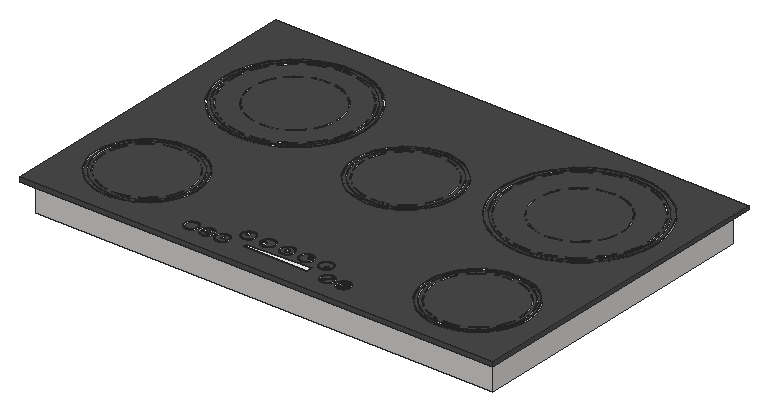
Revit family "QF_Summit_CR5B30T7B_Electric Cooktop", category Specialty Equipment, Revit 2020
Family settings
  Round Connector Dimension = Use Diameter
  Part Type = Normal
  Work Plane-Based = No
  Always vertical = Yes
  Cut with Voids When Loaded = No
  Shared = No
  Room Calculation Point = No
Parameters
  Weight in Pounds = 28
  Watts = Volts * FL Amps  # 7200 W
  Volts = 240 V
  URL Cutsheet = ""
  Specification by User = ""
  Specification by Manufacturer = ""
  Serial Number = ""
  Seismic Rating = ""
  SMACNA No = ""
  Revision Code = ""
  Phase = 1
  Number of Poles = 1
  NAFEM Spec ID Number = ""
  Model = "CR5B30T7B"
  Min Ckt Ampacity = 0 A
  Max Overcurrent Protection = 0 A
  Masterspec = ""
  Manufacturer = "Summit"
  Length = 30 1/4"
  Item Number = ""
  Installed By = ""
  Identify Quantity as Lot = yes
  Height = 2.13"
  HP = ""
  Furnished By = ""
  Foodservice Equipment Identifier = yes
  FL Amps = 30 A
  Electrical Remarks = ""
  Electric Connection Type = ""
  Elec Conn RI Height = 0"
  Elec Conn Connection Height = 0"
  Description = "Electric Cooktop"
  Depth = 20 1/2"
  Default Elevation = 0"
  Cycle = 60 Hz
  Conn Plug = ""
  Conn Conduit = yes
  CSI MasterFormat = ""
  Apparent Power = if(Phase = 3, Volts * FL Amps * 1.73, Volts * FL Amps)  # 7200 VA
Reference planes (in)
  plane 1 "BACK": y = 0
  plane 2: z = 0
  plane 3 "LEFT": x = 0
  plane 4 "RIGHT": x = 30.25
  plane 5 "FRONT": y = -20.5
  plane 6 "TOP": z = 2.13
  plane 7 "Center Y": x = 15.125
  plane 8 "Center X": y = -10.25
  plane 9: y = -19.875
  plane 10: y = -0.625
  plane 11: x = 0.5
  plane 12: x = 29.75
  plane 13: z = 1.88
  plane 14: z = -1
Forms (in)
  Extrusion 1, solid, material "QF_Plastic_Black_Smooth"
    sketch origin (-1.19104, -180, 1.88) x (-1, 0, 0) y (0, -1, 0)
      loop
        line (-1.19104, -180) -> (-1.19104, -159.5) -> (-31.44104, -159.5) -> (-31.44104, -180) -> (-1.19104, -180)
      loop
        circle (-16.31604, -171.46642) r 3.25
      loop
        circle (-16.31604, -171.46642) r 3.1875
      loop
        circle (-16.31604, -171.46642) r 3.01918
      loop
        circle (-16.31604, -171.46642) r 2.98793
      loop
        arc (-13.92383, -172.87489) -> (-13.70916, -172.42069) -> (-13.57986, -171.93525) r 2.77605
        line (-13.57986, -171.93525) -> (-13.61066, -171.92997)
        arc (-13.61066, -171.92997) -> (-13.7385, -172.40995) -> (-13.95076, -172.85904) r 2.7448
        line (-13.95076, -172.85904) -> (-13.92383, -172.87489)
      loop
        line (-14.18017, -173.2397) -> (-14.20421, -173.21974)
        arc (-14.20421, -173.21974) -> (-14.5404, -173.55952) -> (-14.93044, -173.83582) r 2.7448
        line (-14.93044, -173.83582) -> (-14.91466, -173.86279)
        arc (-14.91466, -173.86279) -> (-14.52019, -173.58335) -> (-14.18017, -173.2397) r 2.77605
      loop
        line (-15.3571, -174.07159) -> (-15.36789, -174.04226)
        arc (-15.36789, -174.04226) -> (-15.84924, -174.17124) -> (-16.34598, -174.21106) r 2.7448
        line (-16.34598, -174.21106) -> (-16.34598, -174.24231)
        arc (-16.34598, -174.24231) -> (-15.84376, -174.202) -> (-15.3571, -174.07159) r 2.77605
      loop
        line (-16.81684, -174.19692) -> (-16.8112, -174.16619)
        arc (-16.8112, -174.16619) -> (-17.27375, -174.03872) -> (-17.70704, -173.83265) r 2.7448
        line (-17.70704, -173.83265) -> (-17.72288, -173.85959)
        arc (-17.72288, -173.85959) -> (-17.28466, -174.068) -> (-16.81684, -174.19692) r 2.77605
      loop
        arc (-18.06476, -173.58205) -> (-18.42277, -173.22586) -> (-18.70946, -172.8101) r 2.7448
        line (-18.70946, -172.8101) -> (-18.7367, -172.8254)
        arc (-18.7367, -172.8254) -> (-18.4477, -173.24475) -> (-18.08696, -173.60425) r 2.77605
        line (-18.08696, -173.60425) -> (-18.06476, -173.58205)
      loop
        arc (-18.90212, -172.38625) -> (-19.02257, -171.92317) -> (-19.06077, -171.4462) r 2.7448
        line (-19.06077, -171.4462) -> (-19.09202, -171.4462)
        arc (-19.09202, -171.4462) -> (-19.05336, -171.92848) -> (-18.93157, -172.39673) r 2.77605
        line (-18.93157, -172.39673) -> (-18.90212, -172.38625)
      loop
        arc (-19.02107, -171.00085) -> (-18.89451, -170.52544) -> (-18.68511, -170.08027) r 2.7448
        line (-18.68511, -170.08027) -> (-18.71209, -170.06449)
        arc (-18.71209, -170.06449) -> (-18.92386, -170.51473) -> (-19.05186, -170.99555) r 2.77605
        line (-19.05186, -170.99555) -> (-19.02107, -171.00085)
      loop
        arc (-18.4219, -169.70594) -> (-18.08419, -169.367) -> (-17.69276, -169.09185) r 2.7448
        line (-17.69276, -169.09185) -> (-17.70843, -169.06481)
        arc (-17.70843, -169.06481) -> (-18.10326, -169.3422) -> (-18.44408, -169.68376) r 2.77605
        line (-18.44408, -169.68376) -> (-18.4219, -169.70594)
      loop
        arc (-17.27056, -168.89293) -> (-16.8062, -168.76574) -> (-16.32675, -168.72164) r 2.7448
        line (-16.32675, -168.72164) -> (-16.32675, -168.69039)
        arc (-16.32675, -168.69039) -> (-16.81172, -168.73498) -> (-17.28143, -168.86363) r 2.77605
        line (-17.28143, -168.86363) -> (-17.27056, -168.89293)
      loop
        arc (-15.89724, -168.75375) -> (-15.38644, -168.88382) -> (-14.90992, -169.10913) r 2.7448
        line (-14.90992, -169.10913) -> (-14.89392, -169.0823)
        arc (-14.89392, -169.0823) -> (-15.37586, -168.85442) -> (-15.89247, -168.72287) r 2.77605
        line (-15.89247, -168.72287) -> (-15.89724, -168.75375)
      loop
        arc (-14.57297, -169.34612) -> (-14.21077, -169.70523) -> (-13.92126, -170.12516) r 2.7448
        line (-13.92126, -170.12516) -> (-13.89399, -170.10989)
        arc (-13.89399, -170.10989) -> (-14.18582, -169.68635) -> (-14.55077, -169.32392) r 2.77605
        line (-14.55077, -169.32392) -> (-14.57297, -169.34612)
      loop
        arc (-13.73845, -170.52304) -> (-13.61031, -171.00493) -> (-13.57147, -171.50206) r 2.7448
        line (-13.57147, -171.50206) -> (-13.54021, -171.50206)
        arc (-13.54021, -171.50206) -> (-13.57954, -170.99948) -> (-13.7091, -170.5123) r 2.77605
        line (-13.7091, -170.5123) -> (-13.73845, -170.52304)
      loop
        circle (-25.45747, -173.96615) r 4.875
      loop
        circle (-25.45747, -173.96615) r 4.8125
      loop
        circle (-25.45747, -173.96615) r 4.60317
      loop
        circle (-25.45747, -173.96615) r 4.57192
      loop
        arc (-28.81688, -171.11218) -> (-29.14171, -171.54598) -> (-29.41085, -172.01637) r 4.40804
        line (-29.41085, -172.01637) -> (-29.38282, -172.03019)
        arc (-29.38282, -172.03019) -> (-29.11629, -171.5642) -> (-28.79471, -171.13435) r 4.37679
        line (-28.79471, -171.13435) -> (-28.81688, -171.11218)
      loop
        arc (-27.6523, -170.14339) -> (-28.09195, -170.43198) -> (-28.49409, -170.77088) r 4.40804
        line (-28.49409, -170.77088) -> (-28.47199, -170.79298)
        arc (-28.47199, -170.79298) -> (-28.07295, -170.4568) -> (-27.63674, -170.17049) r 4.37679
        line (-27.63674, -170.17049) -> (-27.6523, -170.14339)
      loop
        line (-29.56464, -172.45371) -> (-29.59396, -172.44291)
        arc (-29.59396, -172.44291) -> (-29.74482, -172.94171) -> (-29.83576, -173.45482) r 4.40804
        line (-29.83576, -173.45482) -> (-29.80472, -173.45844)
        arc (-29.80472, -173.45844) -> (-29.71442, -172.94897) -> (-29.56464, -172.45371) r 4.37679
      loop
        line (-29.83424, -173.95077) -> (-29.86549, -173.95077)
        arc (-29.86549, -173.95077) -> (-29.83691, -174.46751) -> (-29.74796, -174.97735) r 4.40804
        line (-29.74796, -174.97735) -> (-29.71755, -174.97018)
        arc (-29.71755, -174.97018) -> (-29.80587, -174.46391) -> (-29.83424, -173.95077) r 4.37679
      loop
        line (-29.57863, -175.44005) -> (-29.60806, -175.45057)
        arc (-29.60806, -175.45057) -> (-29.39582, -175.94611) -> (-29.12469, -176.41203) r 4.40804
        line (-29.12469, -176.41203) -> (-29.09869, -176.39469)
        arc (-29.09869, -176.39469) -> (-29.3679, -175.93207) -> (-29.57863, -175.44005) r 4.37679
      loop
        line (-28.82706, -176.75939) -> (-28.85112, -176.77933)
        arc (-28.85112, -176.77933) -> (-28.47062, -177.18357) -> (-28.04233, -177.53678) r 4.40804
        line (-28.04233, -177.53678) -> (-28.01995, -177.5144)
        arc (-28.01995, -177.5144) -> (-28.44743, -177.16247) -> (-28.82706, -176.75939) r 4.37679
      loop
        line (-27.68418, -177.73419) -> (-27.70007, -177.76109)
        arc (-27.70007, -177.76109) -> (-27.21354, -178.0093) -> (-26.70004, -178.19544) r 4.40804
        line (-26.70004, -178.19544) -> (-26.69123, -178.16545)
        arc (-26.69123, -178.16545) -> (-27.20109, -177.98064) -> (-27.68418, -177.73419) r 4.37679
      loop
        line (-26.23933, -178.27254) -> (-26.24491, -178.30329)
        arc (-26.24491, -178.30329) -> (-25.71663, -178.36657) -> (-25.18458, -178.36574) r 4.40804
        line (-25.18458, -178.36574) -> (-25.18651, -178.33455)
        arc (-25.18651, -178.33455) -> (-25.71479, -178.33537) -> (-26.23933, -178.27254) r 4.37679
      loop
        line (-24.72271, -178.28083) -> (-24.71747, -178.31163)
        arc (-24.71747, -178.31163) -> (-24.19641, -178.18996) -> (-23.69394, -178.00605) r 4.40804
        line (-23.69394, -178.00605) -> (-23.70644, -177.97741)
        arc (-23.70644, -177.97741) -> (-24.20535, -178.16002) -> (-24.72271, -178.28083) r 4.37679
      loop
        line (-23.27181, -177.75814) -> (-23.25621, -177.78522)
        arc (-23.25621, -177.78522) -> (-22.82038, -177.49837) -> (-22.4215, -177.16204) r 4.40804
        line (-22.4215, -177.16204) -> (-22.4436, -177.13993)
        arc (-22.4436, -177.13993) -> (-22.8394, -177.47357) -> (-23.27181, -177.75814) r 4.37679
      loop
        line (-22.11511, -176.7919) -> (-22.09124, -176.81208)
        arc (-22.09124, -176.81208) -> (-21.77219, -176.38473) -> (-21.50708, -175.92198) r 4.40804
        line (-21.50708, -175.92198) -> (-21.53509, -175.90811)
        arc (-21.53509, -175.90811) -> (-21.79832, -176.36758) -> (-22.11511, -176.7919) r 4.37679
      loop
        line (-21.35948, -175.50329) -> (-21.33022, -175.51426)
        arc (-21.33022, -175.51426) -> (-21.17133, -174.9956) -> (-21.07734, -174.46136) r 4.40804
        line (-21.07734, -174.46136) -> (-21.10839, -174.45785)
        arc (-21.10839, -174.45785) -> (-21.20171, -174.98831) -> (-21.35948, -175.50329) r 4.37679
      loop
        line (-21.08078, -173.9948) -> (-21.04953, -173.9948)
        arc (-21.04953, -173.9948) -> (-21.08018, -173.44643) -> (-21.17878, -172.90614) r 4.40804
        line (-21.17878, -172.90614) -> (-21.20912, -172.91365)
        arc (-21.20912, -172.91365) -> (-21.1112, -173.45022) -> (-21.08078, -173.9948) r 4.37679
      loop
        line (-21.34009, -172.48176) -> (-21.31069, -172.47116)
        arc (-21.31069, -172.47116) -> (-21.5263, -171.97198) -> (-21.80173, -171.50315) r 4.40804
        line (-21.80173, -171.50315) -> (-21.82765, -171.52061)
        arc (-21.82765, -171.52061) -> (-21.55417, -171.98612) -> (-21.34009, -172.48176) r 4.37679
      loop
        line (-22.11024, -171.14617) -> (-22.08806, -171.12399)
        arc (-22.08806, -171.12399) -> (-22.46275, -170.73158) -> (-22.88281, -170.38817) r 4.40804
        line (-22.88281, -170.38817) -> (-22.90106, -170.41354)
        arc (-22.90106, -170.41354) -> (-22.48301, -170.75541) -> (-22.11024, -171.14617) r 4.37679
      loop
        arc (-23.27395, -170.13691) -> (-23.74908, -169.90263) -> (-24.24888, -169.72703) r 4.40804
        line (-24.24888, -169.72703) -> (-24.25745, -169.75709)
        arc (-24.25745, -169.75709) -> (-23.76119, -169.93144) -> (-23.28943, -170.16406) r 4.37679
        line (-23.28943, -170.16406) -> (-23.27395, -170.13691)
      loop
        arc (-24.69134, -169.6252) -> (-25.23215, -169.56387) -> (-25.77639, -169.56966) r 4.40804
        line (-25.77639, -169.56966) -> (-25.77639, -169.601)
        arc (-25.77639, -169.601) -> (-25.23488, -169.59503) -> (-24.69677, -169.65597) r 4.37679
        line (-24.69677, -169.65597) -> (-24.69134, -169.6252)
      loop
        arc (-26.22423, -169.62531) -> (-26.74106, -169.74914) -> (-27.23923, -169.93426) r 4.40804
        line (-27.23923, -169.93426) -> (-27.2266, -169.96284)
        arc (-27.2266, -169.96284) -> (-26.73196, -169.77903) -> (-26.2188, -169.65608) r 4.37679
        line (-26.2188, -169.65608) -> (-26.22423, -169.62531)
      loop
        circle (-12.95771, -160.98371) r 0.42869
      loop
        circle (-12.95771, -160.98371) r 0.39744
      loop
        line (-12.90642, -160.93163) -> (-13.28511, -160.9984) -> (-12.97595, -161.02545) -> (-12.94014, -161.31706) -> (-12.90642, -160.93163)
      loop
        arc (-24.09184, -176.35311) -> (-23.68495, -176.06869) -> (-23.33583, -175.71576) r 2.75
        line (-23.33583, -175.71576) -> (-23.35993, -175.69587)
        arc (-23.35993, -175.69587) -> (-23.70509, -176.0448) -> (-24.10736, -176.32598) r 2.71875
        line (-24.10736, -176.32598) -> (-24.09184, -176.35311)
      loop
        arc (-23.08872, -175.36311) -> (-22.88069, -174.92672) -> (-22.7523, -174.46065) r 2.75
        line (-22.7523, -174.46065) -> (-22.78304, -174.45503)
        arc (-22.78304, -174.45503) -> (-22.90997, -174.91581) -> (-23.11564, -175.34724) r 2.71875
        line (-23.11564, -175.34724) -> (-23.08872, -175.36311)
      loop
        line (-24.49628, -176.5427) -> (-24.5072, -176.51342)
        arc (-24.5072, -176.51342) -> (-25.00577, -176.64712) -> (-25.52061, -176.68417) r 2.71875
        line (-25.52061, -176.68417) -> (-25.52061, -176.71543)
        arc (-25.52061, -176.71543) -> (-25.00022, -176.67787) -> (-24.49628, -176.5427) r 2.75
      loop
        line (-25.90779, -176.67903) -> (-25.90267, -176.6482)
        arc (-25.90267, -176.6482) -> (-26.38524, -176.5217) -> (-26.83658, -176.30916) r 2.71875
        line (-26.83658, -176.30916) -> (-26.85243, -176.33609)
        arc (-26.85243, -176.33609) -> (-26.39591, -176.55108) -> (-25.90779, -176.67903) r 2.75
      loop
        line (-27.18309, -176.10736) -> (-27.16348, -176.08302)
        arc (-27.16348, -176.08302) -> (-27.53449, -175.72046) -> (-27.82988, -175.29404) r 2.71875
        line (-27.82988, -175.29404) -> (-27.85715, -175.3093)
        arc (-27.85715, -175.3093) -> (-27.55836, -175.74063) -> (-27.18309, -176.10736) r 2.75
      loop
        arc (-28.00116, -174.92599) -> (-28.1321, -174.45399) -> (-28.17622, -173.96615) r 2.71875
        line (-28.17622, -173.96615) -> (-28.20747, -173.96615)
        arc (-28.20747, -173.96615) -> (-28.16284, -174.45959) -> (-28.03039, -174.93702) r 2.75
        line (-28.03039, -174.93702) -> (-28.00116, -174.92599)
      loop
        arc (-28.13981, -173.52266) -> (-28.01487, -173.04348) -> (-27.80509, -172.59492) r 2.71875
        line (-27.80509, -172.59492) -> (-27.83208, -172.57916)
        arc (-27.83208, -172.57916) -> (-28.04427, -173.03288) -> (-28.17064, -173.51756) r 2.75
        line (-28.17064, -173.51756) -> (-28.13981, -173.52266)
      loop
        arc (-27.54371, -172.22282) -> (-27.20234, -171.8812) -> (-26.80591, -171.60537) r 2.71875
        line (-26.80591, -171.60537) -> (-26.82141, -171.57823)
        arc (-26.82141, -171.57823) -> (-27.22132, -171.85633) -> (-27.56589, -172.20063) r 2.75
        line (-27.56589, -172.20063) -> (-27.54371, -172.22282)
      loop
        arc (-26.38645, -171.41104) -> (-25.91966, -171.28698) -> (-25.43827, -171.24747) r 2.71875
        line (-25.43827, -171.24747) -> (-25.43827, -171.21622)
        arc (-25.43827, -171.21622) -> (-25.92508, -171.2562) -> (-26.39713, -171.38167) r 2.75
        line (-26.39713, -171.38167) -> (-26.38645, -171.41104)
      loop
        arc (-24.99023, -171.28785) -> (-24.51498, -171.41599) -> (-24.07063, -171.62772) r 2.71875
        line (-24.07063, -171.62772) -> (-24.05468, -171.60084)
        arc (-24.05468, -171.60084) -> (-24.50415, -171.38668) -> (-24.98486, -171.25707) r 2.75
        line (-24.98486, -171.25707) -> (-24.99023, -171.28785)
      loop
        line (-23.70105, -171.85015) -> (-23.72101, -171.87419)
        arc (-23.72101, -171.87419) -> (-23.36969, -172.22467) -> (-23.08793, -172.63316) r 2.71875
        line (-23.08793, -172.63316) -> (-23.06069, -172.61784)
        arc (-23.06069, -172.61784) -> (-23.34569, -172.20465) -> (-23.70105, -171.85015) r 2.75
      loop
        line (-22.86852, -173.03889) -> (-22.89794, -173.04942)
        arc (-22.89794, -173.04942) -> (-22.79464, -173.41759) -> (-22.74401, -173.79661) r 2.71875
        line (-22.74401, -173.79661) -> (-22.7127, -173.79661)
        arc (-22.7127, -173.79661) -> (-22.76384, -173.41224) -> (-22.86852, -173.03889) r 2.75
      loop
        circle (-7.20747, -173.96615) r 4.5
      loop
        circle (-7.20747, -173.96615) r 4.4375
      loop
        circle (-7.20747, -173.96615) r 4.25
      loop
        circle (-7.20747, -173.96615) r 4.21875
      loop
        arc (-3.22894, -174.77175) -> (-3.1577, -174.24377) -> (-3.15622, -173.711) r 4.05928
        line (-3.15622, -173.711) -> (-3.18753, -173.711)
        arc (-3.18753, -173.711) -> (-3.18881, -174.24065) -> (-3.25956, -174.76555) r 4.02803
        line (-3.25956, -174.76555) -> (-3.22894, -174.77175)
      loop
        line (-3.3439, -175.21137) -> (-3.37365, -175.20178)
        arc (-3.37365, -175.20178) -> (-3.56035, -175.67599) -> (-3.80545, -176.12282) r 4.02803
        line (-3.80545, -176.12282) -> (-3.77905, -176.13956)
        arc (-3.77905, -176.13956) -> (-3.53206, -175.68925) -> (-3.3439, -175.21137) r 4.05928
      loop
        line (-4.03683, -176.50087) -> (-4.06124, -176.48136)
        arc (-4.06124, -176.48136) -> (-4.4129, -176.86708) -> (-4.81148, -177.20409) r 4.02803
        line (-4.81148, -177.20409) -> (-4.79289, -177.22921)
        arc (-4.79289, -177.22921) -> (-4.39122, -176.88958) -> (-4.03683, -176.50087) r 4.05928
      loop
        line (-5.19289, -177.49024) -> (-5.2084, -177.46311)
        arc (-5.2084, -177.46311) -> (-5.65507, -177.68302) -> (-6.12546, -177.84614) r 4.02803
        line (-6.12546, -177.84614) -> (-6.11707, -177.87624)
        arc (-6.11707, -177.87624) -> (-5.64303, -177.71185) -> (-5.19289, -177.49024) r 4.05928
      loop
        line (-6.59285, -177.97863) -> (-6.59758, -177.94774)
        arc (-6.59758, -177.94774) -> (-7.12171, -177.99327) -> (-7.64731, -177.9701) r 4.02803
        line (-7.64731, -177.9701) -> (-7.65072, -178.00116)
        arc (-7.65072, -178.00116) -> (-7.12105, -178.02451) -> (-6.59285, -177.97863) r 4.05928
      loop
        line (-8.06649, -177.9335) -> (-8.05987, -177.90296)
        arc (-8.05987, -177.90296) -> (-8.56884, -177.75716) -> (-9.05428, -177.54586) r 4.02803
        line (-9.05428, -177.54586) -> (-9.06861, -177.57364)
        arc (-9.06861, -177.57364) -> (-8.5794, -177.78657) -> (-8.06649, -177.9335) r 4.05928
      loop
        line (-9.47439, -177.33347) -> (-9.45694, -177.30755)
        arc (-9.45694, -177.30755) -> (-9.84072, -177.01427) -> (-10.18664, -176.67716) r 4.02803
        line (-10.18664, -176.67716) -> (-10.20877, -176.69928)
        arc (-10.20877, -176.69928) -> (-9.86059, -177.0384) -> (-9.47439, -177.33347) r 4.05928
      loop
        line (-10.5059, -176.33219) -> (-10.4805, -176.31398)
        arc (-10.4805, -176.31398) -> (-10.75342, -175.87698) -> (-10.96833, -175.40871) r 4.02803
        line (-10.96833, -175.40871) -> (-10.99751, -175.4199)
        arc (-10.99751, -175.4199) -> (-10.78093, -175.8918) -> (-10.5059, -176.33219) r 4.05928
      loop
        line (-11.13969, -174.97384) -> (-11.10942, -174.96609)
        arc (-11.10942, -174.96609) -> (-11.20386, -174.47008) -> (-11.2355, -173.96615) r 4.02803
        line (-11.2355, -173.96615) -> (-11.26675, -173.96615)
        arc (-11.26675, -173.96615) -> (-11.23486, -174.47399) -> (-11.13969, -174.97384) r 4.05928
      loop
        line (-11.24152, -173.51425) -> (-11.21046, -173.51773)
        arc (-11.21046, -173.51773) -> (-11.11916, -173.00505) -> (-10.96248, -172.50844) r 4.02803
        line (-10.96248, -172.50844) -> (-10.99161, -172.49713)
        arc (-10.99161, -172.49713) -> (-11.14951, -172.9976) -> (-11.24152, -173.51425) r 4.05928
      loop
        line (-10.79094, -172.05919) -> (-10.76335, -172.07387)
        arc (-10.76335, -172.07387) -> (-10.49892, -171.64422) -> (-10.18286, -171.25099) r 4.02803
        line (-10.18286, -171.25099) -> (-10.20498, -171.22887)
        arc (-10.20498, -171.22887) -> (-10.52405, -171.62562) -> (-10.79094, -172.05919) r 4.05928
      loop
        line (-9.87166, -170.90349) -> (-9.84951, -170.92565)
        arc (-9.84951, -170.92565) -> (-9.44752, -170.61844) -> (-9.01019, -170.36404) r 4.02803
        line (-9.01019, -170.36404) -> (-9.02418, -170.33609)
        arc (-9.02418, -170.33609) -> (-9.46581, -170.59307) -> (-9.87166, -170.90349) r 4.05928
      loop
        line (-8.64114, -170.16847) -> (-8.6301, -170.19771)
        arc (-8.6301, -170.19771) -> (-8.11265, -170.04115) -> (-7.57889, -169.95528) r 4.02803
        line (-7.57889, -169.95528) -> (-7.58177, -169.92417)
        arc (-7.58177, -169.92417) -> (-8.11967, -170.0107) -> (-8.64114, -170.16847) r 4.05928
      loop
        line (-7.15903, -169.90716) -> (-7.15903, -169.93841)
        arc (-7.15903, -169.93841) -> (-6.6237, -169.98065) -> (-6.09876, -170.09372) r 4.02803
        line (-6.09876, -170.09372) -> (-6.09015, -170.06367)
        arc (-6.09015, -170.06367) -> (-6.61936, -169.9497) -> (-7.15903, -169.90716) r 4.05928
      loop
        line (-5.68859, -170.20175) -> (-5.70028, -170.23073)
        arc (-5.70028, -170.23073) -> (-5.22953, -170.4572) -> (-4.79205, -170.74268) r 4.02803
        line (-4.79205, -170.74268) -> (-4.77331, -170.71768)
        arc (-4.77331, -170.71768) -> (-5.21419, -170.42997) -> (-5.68859, -170.20175) r 4.05928
      loop
        line (-4.40704, -171.02756) -> (-4.42915, -171.04966)
        arc (-4.42915, -171.04966) -> (-4.07905, -171.42884) -> (-3.7803, -171.84967) r 4.02803
        line (-3.7803, -171.84967) -> (-3.75371, -171.83325)
        arc (-3.75371, -171.83325) -> (-4.05454, -171.40945) -> (-4.40704, -171.02756) r 4.05928
      loop
        line (-3.53334, -172.24032) -> (-3.56163, -172.25361)
        arc (-3.56163, -172.25361) -> (-3.37475, -172.72709) -> (-3.24909, -173.22036) r 4.02803
        line (-3.24909, -173.22036) -> (-3.21838, -173.21457)
        arc (-3.21838, -173.21457) -> (-3.34502, -172.71748) -> (-3.53334, -172.24032) r 4.05928
      loop
        arc (-5.84184, -176.35311) -> (-5.43495, -176.06869) -> (-5.08583, -175.71576) r 2.75
        line (-5.08583, -175.71576) -> (-5.10993, -175.69587)
        arc (-5.10993, -175.69587) -> (-5.45509, -176.0448) -> (-5.85736, -176.32598) r 2.71875
        line (-5.85736, -176.32598) -> (-5.84184, -176.35311)
      loop
        arc (-4.83872, -175.36311) -> (-4.63069, -174.92672) -> (-4.5023, -174.46065) r 2.75
        line (-4.5023, -174.46065) -> (-4.53304, -174.45503)
        arc (-4.53304, -174.45503) -> (-4.65997, -174.91581) -> (-4.86564, -175.34724) r 2.71875
        line (-4.86564, -175.34724) -> (-4.83872, -175.36311)
      loop
        line (-6.24628, -176.5427) -> (-6.2572, -176.51342)
        arc (-6.2572, -176.51342) -> (-6.75577, -176.64712) -> (-7.27061, -176.68417) r 2.71875
        line (-7.27061, -176.68417) -> (-7.27061, -176.71543)
        arc (-7.27061, -176.71543) -> (-6.75022, -176.67787) -> (-6.24628, -176.5427) r 2.75
      loop
        line (-7.65779, -176.67903) -> (-7.65267, -176.6482)
        arc (-7.65267, -176.6482) -> (-8.13524, -176.5217) -> (-8.58658, -176.30916) r 2.71875
        line (-8.58658, -176.30916) -> (-8.60243, -176.33609)
        arc (-8.60243, -176.33609) -> (-8.14591, -176.55108) -> (-7.65779, -176.67903) r 2.75
      loop
        line (-8.93309, -176.10736) -> (-8.91348, -176.08302)
        arc (-8.91348, -176.08302) -> (-9.28449, -175.72046) -> (-9.57988, -175.29404) r 2.71875
        line (-9.57988, -175.29404) -> (-9.60715, -175.3093)
        arc (-9.60715, -175.3093) -> (-9.30836, -175.74063) -> (-8.93309, -176.10736) r 2.75
      loop
        arc (-9.75116, -174.92599) -> (-9.8821, -174.45399) -> (-9.92622, -173.96615) r 2.71875
        line (-9.92622, -173.96615) -> (-9.95747, -173.96615)
        arc (-9.95747, -173.96615) -> (-9.91284, -174.45959) -> (-9.78039, -174.93702) r 2.75
        line (-9.78039, -174.93702) -> (-9.75116, -174.92599)
      loop
        arc (-9.88981, -173.52266) -> (-9.76487, -173.04348) -> (-9.55509, -172.59492) r 2.71875
        line (-9.55509, -172.59492) -> (-9.58208, -172.57916)
        arc (-9.58208, -172.57916) -> (-9.79427, -173.03288) -> (-9.92064, -173.51756) r 2.75
        line (-9.92064, -173.51756) -> (-9.88981, -173.52266)
      loop
        arc (-9.29371, -172.22282) -> (-8.95234, -171.8812) -> (-8.55591, -171.60537) r 2.71875
        line (-8.55591, -171.60537) -> (-8.57141, -171.57823)
        arc (-8.57141, -171.57823) -> (-8.97132, -171.85633) -> (-9.31589, -172.20063) r 2.75
        line (-9.31589, -172.20063) -> (-9.29371, -172.22282)
      loop
        arc (-8.13645, -171.41104) -> (-7.66966, -171.28698) -> (-7.18827, -171.24747) r 2.71875
        line (-7.18827, -171.24747) -> (-7.18827, -171.21622)
        arc (-7.18827, -171.21622) -> (-7.67508, -171.2562) -> (-8.14713, -171.38167) r 2.75
        line (-8.14713, -171.38167) -> (-8.13645, -171.41104)
      loop
        arc (-6.74023, -171.28785) -> (-6.26498, -171.41599) -> (-5.82063, -171.62772) r 2.71875
        line (-5.82063, -171.62772) -> (-5.80468, -171.60084)
        arc (-5.80468, -171.60084) -> (-6.25415, -171.38668) -> (-6.73486, -171.25707) r 2.75
        line (-6.73486, -171.25707) -> (-6.74023, -171.28785)
      loop
        line (-5.45105, -171.85015) -> (-5.47101, -171.87419)
        arc (-5.47101, -171.87419) -> (-5.11969, -172.22467) -> (-4.83793, -172.63316) r 2.71875
        line (-4.83793, -172.63316) -> (-4.81069, -172.61784)
        arc (-4.81069, -172.61784) -> (-5.09569, -172.20465) -> (-5.45105, -171.85015) r 2.75
      loop
        line (-4.61852, -173.03889) -> (-4.64794, -173.04942)
        arc (-4.64794, -173.04942) -> (-4.54464, -173.41759) -> (-4.49401, -173.79661) r 2.71875
        line (-4.49401, -173.79661) -> (-4.4627, -173.79661)
        arc (-4.4627, -173.79661) -> (-4.51384, -173.41224) -> (-4.61852, -173.03889) r 2.75
      loop
        circle (-5.71825, -163.96941) r 3.25
      loop
        circle (-5.71825, -163.96941) r 3.1875
      loop
        circle (-5.71825, -163.96941) r 3.01918
      loop
        circle (-5.71825, -163.96941) r 2.98793
      loop
        arc (-3.32604, -165.37788) -> (-3.11137, -164.92369) -> (-2.98207, -164.43824) r 2.77605
        line (-2.98207, -164.43824) -> (-3.01287, -164.43296)
        arc (-3.01287, -164.43296) -> (-3.14072, -164.91294) -> (-3.35297, -165.36203) r 2.7448
        line (-3.35297, -165.36203) -> (-3.32604, -165.37788)
      loop
        line (-3.58238, -165.74269) -> (-3.60643, -165.72273)
        arc (-3.60643, -165.72273) -> (-3.94262, -166.06251) -> (-4.33265, -166.33881) r 2.7448
        line (-4.33265, -166.33881) -> (-4.31687, -166.36578)
        arc (-4.31687, -166.36578) -> (-3.9224, -166.08634) -> (-3.58238, -165.74269) r 2.77605
      loop
        line (-4.75931, -166.57458) -> (-4.77011, -166.54525)
        arc (-4.77011, -166.54525) -> (-5.25146, -166.67423) -> (-5.74819, -166.71405) r 2.7448
        line (-5.74819, -166.71405) -> (-5.74819, -166.7453)
        arc (-5.74819, -166.7453) -> (-5.24597, -166.70499) -> (-4.75931, -166.57458) r 2.77605
      loop
        line (-6.21905, -166.69992) -> (-6.21341, -166.66918)
        arc (-6.21341, -166.66918) -> (-6.67597, -166.54171) -> (-7.10926, -166.33564) r 2.7448
        line (-7.10926, -166.33564) -> (-7.1251, -166.36258)
        arc (-7.1251, -166.36258) -> (-6.68687, -166.57099) -> (-6.21905, -166.69992) r 2.77605
      loop
        arc (-7.46698, -166.08504) -> (-7.82498, -165.72885) -> (-8.11167, -165.31309) r 2.7448
        line (-8.11167, -165.31309) -> (-8.13892, -165.32839)
        arc (-8.13892, -165.32839) -> (-7.84992, -165.74774) -> (-7.48917, -166.10724) r 2.77605
        line (-7.48917, -166.10724) -> (-7.46698, -166.08504)
      loop
        arc (-8.30434, -164.88925) -> (-8.42478, -164.42616) -> (-8.46298, -163.9492) r 2.7448
        line (-8.46298, -163.9492) -> (-8.49423, -163.9492)
        arc (-8.49423, -163.9492) -> (-8.45558, -164.43148) -> (-8.33378, -164.89972) r 2.77605
        line (-8.33378, -164.89972) -> (-8.30434, -164.88925)
      loop
        arc (-8.42328, -163.50384) -> (-8.29672, -163.02843) -> (-8.08733, -162.58326) r 2.7448
        line (-8.08733, -162.58326) -> (-8.1143, -162.56748)
        arc (-8.1143, -162.56748) -> (-8.32608, -163.01772) -> (-8.45408, -163.49854) r 2.77605
        line (-8.45408, -163.49854) -> (-8.42328, -163.50384)
      loop
        arc (-7.82411, -162.20893) -> (-7.48641, -161.86999) -> (-7.09497, -161.59484) r 2.7448
        line (-7.09497, -161.59484) -> (-7.11065, -161.56781)
        arc (-7.11065, -161.56781) -> (-7.50547, -161.84519) -> (-7.8463, -162.18675) r 2.77605
        line (-7.8463, -162.18675) -> (-7.82411, -162.20893)
      loop
        arc (-6.67278, -161.39592) -> (-6.20841, -161.26873) -> (-5.72896, -161.22463) r 2.7448
        line (-5.72896, -161.22463) -> (-5.72896, -161.19338)
        arc (-5.72896, -161.19338) -> (-6.21393, -161.23797) -> (-6.68364, -161.36663) r 2.77605
        line (-6.68364, -161.36663) -> (-6.67278, -161.39592)
      loop
        arc (-5.29946, -161.25674) -> (-4.78866, -161.38681) -> (-4.31214, -161.61212) r 2.7448
        line (-4.31214, -161.61212) -> (-4.29613, -161.58529)
        arc (-4.29613, -161.58529) -> (-4.77807, -161.35741) -> (-5.29469, -161.22586) r 2.77605
        line (-5.29469, -161.22586) -> (-5.29946, -161.25674)
      loop
        arc (-3.97518, -161.84911) -> (-3.61298, -162.20822) -> (-3.32347, -162.62815) r 2.7448
        line (-3.32347, -162.62815) -> (-3.29621, -162.61288)
        arc (-3.29621, -162.61288) -> (-3.58803, -162.18934) -> (-3.95298, -161.82691) r 2.77605
        line (-3.95298, -161.82691) -> (-3.97518, -161.84911)
      loop
        arc (-3.14066, -163.02603) -> (-3.01252, -163.50792) -> (-2.97368, -164.00505) r 2.7448
        line (-2.97368, -164.00505) -> (-2.94243, -164.00505)
        arc (-2.94243, -164.00505) -> (-2.98175, -163.50247) -> (-3.11131, -163.01529) r 2.77605
        line (-3.11131, -163.01529) -> (-3.14066, -163.02603)
      loop
        circle (-13.83221, -161.9833) r 0.42869
      loop
        circle (-13.83221, -161.9833) r 0.39744
      loop
        circle (-13.67116, -162.14539) r 0.13534
      loop
        circle (-15.09654, -161.9833) r 0.42869
      loop
        circle (-15.09654, -161.9833) r 0.39744
      loop
        circle (-14.93549, -161.82122) r 0.13534
      loop
        circle (-16.31604, -161.9833) r 0.42869
      loop
        circle (-16.31604, -161.9833) r 0.39744
      loop
        circle (-16.31604, -161.9833) r 0.13534
      loop
        circle (-18.79986, -161.9833) r 0.42869
      loop
        circle (-18.79986, -161.9833) r 0.39744
      loop
        circle (-17.53553, -161.9833) r 0.42869
      loop
        circle (-17.53553, -161.9833) r 0.39744
      loop
        circle (-17.69659, -162.14539) r 0.13534
      loop
        circle (-18.96092, -161.82122) r 0.13534
      loop
        circle (-19.69862, -160.98371) r 0.42869
      loop
        circle (-19.69862, -160.98371) r 0.39744
      loop
        arc (-19.86411, -161.10638) -> (-19.93915, -161.22545) -> (-19.82008, -161.15041) r 0.07216
        line (-19.82008, -161.15041) -> (-19.45826, -160.78859) -> (-19.50229, -160.74456) -> (-19.86411, -161.10638)
      loop
        circle (-20.72179, -160.98371) r 0.42869
      loop
        circle (-20.72179, -160.98371) r 0.36619
      loop
        arc (-20.67614, -161.2295) -> (-20.72179, -160.73371) -> (-20.76744, -161.2295) r 0.25
        line (-20.76744, -161.2295) -> (-20.76744, -161.31685) -> (-20.67614, -161.31685) -> (-20.67614, -161.2295)
      loop
        arc (-20.67614, -161.16556) -> (-20.72179, -160.79621) -> (-20.76744, -161.16556) r 0.1875
        line (-20.76744, -161.16556) -> (-20.76744, -161.03933) -> (-20.67614, -161.03933) -> (-20.67614, -161.16556)
      loop
        circle (-11.96353, -160.98371) r 0.42869
      loop
        circle (-11.96353, -160.98371) r 0.39744
      loop
        line (-12.00568, -161.18585) -> (-12.00568, -160.81214) -> (-12.13429, -160.81214) -> (-12.13429, -161.18585) -> (-12.00568, -161.18585)
      loop
        line (-11.97955, -160.99899) -> (-11.72936, -161.13767) -> (-11.72936, -160.86031) -> (-11.97955, -160.99899)
      loop
        circle (-10.96353, -160.98371) r 0.42869
      loop
        circle (-10.96353, -160.98371) r 0.36619
      loop
        line (-14.32904, -161.18247) -> (-14.32904, -160.96725) -> (-18.35973, -160.96725) -> (-18.35973, -161.38465) -> (-14.32904, -161.18247)
      loop
        circle (-26.91382, -163.96941) r 3.25
      loop
        circle (-26.91382, -163.96941) r 3.1875
      loop
        circle (-26.91382, -163.96941) r 3.01918
      loop
        circle (-26.91382, -163.96941) r 2.98793
      loop
        arc (-24.52161, -165.37788) -> (-24.30694, -164.92369) -> (-24.17765, -164.43824) r 2.77605
        line (-24.17765, -164.43824) -> (-24.20845, -164.43296)
        arc (-24.20845, -164.43296) -> (-24.33629, -164.91294) -> (-24.54854, -165.36203) r 2.7448
        line (-24.54854, -165.36203) -> (-24.52161, -165.37788)
      loop
        line (-24.77796, -165.74269) -> (-24.802, -165.72273)
        arc (-24.802, -165.72273) -> (-25.13819, -166.06251) -> (-25.52822, -166.33881) r 2.7448
        line (-25.52822, -166.33881) -> (-25.51245, -166.36578)
        arc (-25.51245, -166.36578) -> (-25.11797, -166.08634) -> (-24.77796, -165.74269) r 2.77605
      loop
        line (-25.95488, -166.57458) -> (-25.96568, -166.54525)
        arc (-25.96568, -166.54525) -> (-26.44703, -166.67423) -> (-26.94377, -166.71405) r 2.7448
        line (-26.94377, -166.71405) -> (-26.94377, -166.7453)
        arc (-26.94377, -166.7453) -> (-26.44155, -166.70499) -> (-25.95488, -166.57458) r 2.77605
      loop
        line (-27.41462, -166.69992) -> (-27.40899, -166.66918)
        arc (-27.40899, -166.66918) -> (-27.87154, -166.54171) -> (-28.30483, -166.33564) r 2.7448
        line (-28.30483, -166.33564) -> (-28.32067, -166.36258)
        arc (-28.32067, -166.36258) -> (-27.88244, -166.57099) -> (-27.41462, -166.69992) r 2.77605
      loop
        arc (-28.66255, -166.08504) -> (-29.02055, -165.72885) -> (-29.30724, -165.31309) r 2.7448
        line (-29.30724, -165.31309) -> (-29.33449, -165.32839)
        arc (-29.33449, -165.32839) -> (-29.04549, -165.74774) -> (-28.68474, -166.10724) r 2.77605
        line (-28.68474, -166.10724) -> (-28.66255, -166.08504)
      loop
        arc (-29.49991, -164.88925) -> (-29.62036, -164.42616) -> (-29.65855, -163.9492) r 2.7448
        line (-29.65855, -163.9492) -> (-29.6898, -163.9492)
        arc (-29.6898, -163.9492) -> (-29.65115, -164.43148) -> (-29.52935, -164.89972) r 2.77605
        line (-29.52935, -164.89972) -> (-29.49991, -164.88925)
      loop
        arc (-29.61885, -163.50384) -> (-29.49229, -163.02843) -> (-29.2829, -162.58326) r 2.7448
        line (-29.2829, -162.58326) -> (-29.30987, -162.56748)
        arc (-29.30987, -162.56748) -> (-29.52165, -163.01772) -> (-29.64965, -163.49854) r 2.77605
        line (-29.64965, -163.49854) -> (-29.61885, -163.50384)
      loop
        arc (-29.01969, -162.20893) -> (-28.68198, -161.86999) -> (-28.29055, -161.59484) r 2.7448
        line (-28.29055, -161.59484) -> (-28.30622, -161.56781)
        arc (-28.30622, -161.56781) -> (-28.70104, -161.84519) -> (-29.04187, -162.18675) r 2.77605
        line (-29.04187, -162.18675) -> (-29.01969, -162.20893)
      loop
        arc (-27.86835, -161.39592) -> (-27.40398, -161.26873) -> (-26.92453, -161.22463) r 2.7448
        line (-26.92453, -161.22463) -> (-26.92453, -161.19338)
        arc (-26.92453, -161.19338) -> (-27.4095, -161.23797) -> (-27.87922, -161.36663) r 2.77605
        line (-27.87922, -161.36663) -> (-27.86835, -161.39592)
      loop
        arc (-26.49503, -161.25674) -> (-25.98423, -161.38681) -> (-25.50771, -161.61212) r 2.7448
        line (-25.50771, -161.61212) -> (-25.4917, -161.58529)
        arc (-25.4917, -161.58529) -> (-25.97365, -161.35741) -> (-26.49026, -161.22586) r 2.77605
        line (-26.49026, -161.22586) -> (-26.49503, -161.25674)
      loop
        arc (-25.17076, -161.84911) -> (-24.80855, -162.20822) -> (-24.51904, -162.62815) r 2.7448
        line (-24.51904, -162.62815) -> (-24.49178, -162.61288)
        arc (-24.49178, -162.61288) -> (-24.7836, -162.18934) -> (-25.14856, -161.82691) r 2.77605
        line (-25.14856, -161.82691) -> (-25.17076, -161.84911)
      loop
        arc (-24.33623, -163.02603) -> (-24.20809, -163.50792) -> (-24.16925, -164.00505) r 2.7448
        line (-24.16925, -164.00505) -> (-24.138, -164.00505)
        arc (-24.138, -164.00505) -> (-24.17732, -163.50247) -> (-24.30689, -163.01529) r 2.77605
        line (-24.30689, -163.01529) -> (-24.33623, -163.02603)
    from 0 to 0.25
  Extrusion 2, solid, material "QF_Plastic_White_Smooth"
    sketch origin (-1.19104, -180, 1.88) x (-1, 0, 0) y (0, -1, 0)
      loop
        circle (-7.20747, -173.96615) r 4.5
      loop
        circle (-7.20747, -173.96615) r 4.4375
      loop
        circle (-7.20747, -173.96615) r 4.25
      loop
        circle (-7.20747, -173.96615) r 4.21875
      loop
        line (-3.15622, -173.711) -> (-3.18753, -173.711)
        arc (-3.18753, -173.711) -> (-3.18881, -174.24065) -> (-3.25956, -174.76555) r 4.02803
        line (-3.25956, -174.76555) -> (-3.22894, -174.77175)
        arc (-3.22894, -174.77175) -> (-3.1577, -174.24377) -> (-3.15622, -173.711) r 4.05928
      loop
        line (-3.3439, -175.21137) -> (-3.37365, -175.20178)
        arc (-3.37365, -175.20178) -> (-3.56035, -175.67599) -> (-3.80545, -176.12282) r 4.02803
        line (-3.80545, -176.12282) -> (-3.77905, -176.13956)
        arc (-3.77905, -176.13956) -> (-3.53206, -175.68925) -> (-3.3439, -175.21137) r 4.05928
      loop
        line (-4.03683, -176.50087) -> (-4.06124, -176.48136)
        arc (-4.06124, -176.48136) -> (-4.4129, -176.86708) -> (-4.81148, -177.20409) r 4.02803
        line (-4.81148, -177.20409) -> (-4.79289, -177.22921)
        arc (-4.79289, -177.22921) -> (-4.39122, -176.88958) -> (-4.03683, -176.50087) r 4.05928
      loop
        line (-5.19289, -177.49024) -> (-5.2084, -177.46311)
        arc (-5.2084, -177.46311) -> (-5.65507, -177.68302) -> (-6.12546, -177.84614) r 4.02803
        line (-6.12546, -177.84614) -> (-6.11707, -177.87624)
        arc (-6.11707, -177.87624) -> (-5.64303, -177.71185) -> (-5.19289, -177.49024) r 4.05928
      loop
        line (-6.59285, -177.97863) -> (-6.59758, -177.94774)
        arc (-6.59758, -177.94774) -> (-7.12171, -177.99327) -> (-7.64731, -177.9701) r 4.02803
        line (-7.64731, -177.9701) -> (-7.65072, -178.00116)
        arc (-7.65072, -178.00116) -> (-7.12105, -178.02451) -> (-6.59285, -177.97863) r 4.05928
      loop
        line (-8.06649, -177.9335) -> (-8.05987, -177.90296)
        arc (-8.05987, -177.90296) -> (-8.56884, -177.75716) -> (-9.05428, -177.54586) r 4.02803
        line (-9.05428, -177.54586) -> (-9.06861, -177.57364)
        arc (-9.06861, -177.57364) -> (-8.5794, -177.78657) -> (-8.06649, -177.9335) r 4.05928
      loop
        line (-10.18664, -176.67716) -> (-10.20877, -176.69928)
        arc (-10.20877, -176.69928) -> (-9.86059, -177.0384) -> (-9.47439, -177.33347) r 4.05928
        line (-9.47439, -177.33347) -> (-9.45694, -177.30755)
        arc (-9.45694, -177.30755) -> (-9.84072, -177.01427) -> (-10.18664, -176.67716) r 4.02803
      loop
        line (-10.96833, -175.40871) -> (-10.99751, -175.4199)
        arc (-10.99751, -175.4199) -> (-10.78093, -175.8918) -> (-10.5059, -176.33219) r 4.05928
        line (-10.5059, -176.33219) -> (-10.4805, -176.31398)
        arc (-10.4805, -176.31398) -> (-10.75342, -175.87698) -> (-10.96833, -175.40871) r 4.02803
      loop
        line (-11.13969, -174.97384) -> (-11.10942, -174.96609)
        arc (-11.10942, -174.96609) -> (-11.20386, -174.47008) -> (-11.2355, -173.96615) r 4.02803
        line (-11.2355, -173.96615) -> (-11.26675, -173.96615)
        arc (-11.26675, -173.96615) -> (-11.23486, -174.47399) -> (-11.13969, -174.97384) r 4.05928
      loop
        line (-11.24152, -173.51425) -> (-11.21046, -173.51773)
        arc (-11.21046, -173.51773) -> (-11.11916, -173.00505) -> (-10.96248, -172.50844) r 4.02803
        line (-10.96248, -172.50844) -> (-10.99161, -172.49713)
        arc (-10.99161, -172.49713) -> (-11.14951, -172.9976) -> (-11.24152, -173.51425) r 4.05928
      loop
        line (-10.79094, -172.05919) -> (-10.76335, -172.07387)
        arc (-10.76335, -172.07387) -> (-10.49892, -171.64422) -> (-10.18286, -171.25099) r 4.02803
        line (-10.18286, -171.25099) -> (-10.20498, -171.22887)
        arc (-10.20498, -171.22887) -> (-10.52405, -171.62562) -> (-10.79094, -172.05919) r 4.05928
      loop
        line (-9.87166, -170.90349) -> (-9.84951, -170.92565)
        arc (-9.84951, -170.92565) -> (-9.44752, -170.61844) -> (-9.01019, -170.36404) r 4.02803
        line (-9.01019, -170.36404) -> (-9.02418, -170.33609)
        arc (-9.02418, -170.33609) -> (-9.46581, -170.59307) -> (-9.87166, -170.90349) r 4.05928
      loop
        line (-8.64114, -170.16847) -> (-8.6301, -170.19771)
        arc (-8.6301, -170.19771) -> (-8.11265, -170.04115) -> (-7.57889, -169.95528) r 4.02803
        line (-7.57889, -169.95528) -> (-7.58177, -169.92417)
        arc (-7.58177, -169.92417) -> (-8.11967, -170.0107) -> (-8.64114, -170.16847) r 4.05928
      loop
        line (-7.15903, -169.90716) -> (-7.15903, -169.93841)
        arc (-7.15903, -169.93841) -> (-6.6237, -169.98065) -> (-6.09876, -170.09372) r 4.02803
        line (-6.09876, -170.09372) -> (-6.09015, -170.06367)
        arc (-6.09015, -170.06367) -> (-6.61936, -169.9497) -> (-7.15903, -169.90716) r 4.05928
      loop
        line (-5.68859, -170.20175) -> (-5.70028, -170.23073)
        arc (-5.70028, -170.23073) -> (-5.22953, -170.4572) -> (-4.79205, -170.74268) r 4.02803
        line (-4.79205, -170.74268) -> (-4.77331, -170.71768)
        arc (-4.77331, -170.71768) -> (-5.21419, -170.42997) -> (-5.68859, -170.20175) r 4.05928
      loop
        line (-4.40704, -171.02756) -> (-4.42915, -171.04966)
        arc (-4.42915, -171.04966) -> (-4.07905, -171.42884) -> (-3.7803, -171.84967) r 4.02803
        line (-3.7803, -171.84967) -> (-3.75371, -171.83325)
        arc (-3.75371, -171.83325) -> (-4.05454, -171.40945) -> (-4.40704, -171.02756) r 4.05928
      loop
        line (-3.53334, -172.24032) -> (-3.56163, -172.25361)
        arc (-3.56163, -172.25361) -> (-3.37475, -172.72709) -> (-3.24909, -173.22036) r 4.02803
        line (-3.24909, -173.22036) -> (-3.21838, -173.21457)
        arc (-3.21838, -173.21457) -> (-3.34502, -172.71748) -> (-3.53334, -172.24032) r 4.05928
      loop
        line (-4.86564, -175.34724) -> (-4.83872, -175.36311)
        arc (-4.83872, -175.36311) -> (-4.63069, -174.92672) -> (-4.5023, -174.46065) r 2.75
        line (-4.5023, -174.46065) -> (-4.53304, -174.45503)
        arc (-4.53304, -174.45503) -> (-4.65997, -174.91581) -> (-4.86564, -175.34724) r 2.71875
      loop
        line (-5.85736, -176.32598) -> (-5.84184, -176.35311)
        arc (-5.84184, -176.35311) -> (-5.43495, -176.06869) -> (-5.08583, -175.71576) r 2.75
        line (-5.08583, -175.71576) -> (-5.10993, -175.69587)
        arc (-5.10993, -175.69587) -> (-5.45509, -176.0448) -> (-5.85736, -176.32598) r 2.71875
      loop
        line (-7.27061, -176.68417) -> (-7.27061, -176.71543)
        arc (-7.27061, -176.71543) -> (-6.75022, -176.67787) -> (-6.24628, -176.5427) r 2.75
        line (-6.24628, -176.5427) -> (-6.2572, -176.51342)
        arc (-6.2572, -176.51342) -> (-6.75577, -176.64712) -> (-7.27061, -176.68417) r 2.71875
      loop
        line (-8.58658, -176.30916) -> (-8.60243, -176.33609)
        arc (-8.60243, -176.33609) -> (-8.14591, -176.55108) -> (-7.65779, -176.67903) r 2.75
        line (-7.65779, -176.67903) -> (-7.65267, -176.6482)
        arc (-7.65267, -176.6482) -> (-8.13524, -176.5217) -> (-8.58658, -176.30916) r 2.71875
      loop
        line (-9.57988, -175.29404) -> (-9.60715, -175.3093)
        arc (-9.60715, -175.3093) -> (-9.30836, -175.74063) -> (-8.93309, -176.10736) r 2.75
        line (-8.93309, -176.10736) -> (-8.91348, -176.08302)
        arc (-8.91348, -176.08302) -> (-9.28449, -175.72046) -> (-9.57988, -175.29404) r 2.71875
      loop
        line (-9.92622, -173.96615) -> (-9.95747, -173.96615)
        arc (-9.95747, -173.96615) -> (-9.91284, -174.45959) -> (-9.78039, -174.93702) r 2.75
        line (-9.78039, -174.93702) -> (-9.75116, -174.92599)
        arc (-9.75116, -174.92599) -> (-9.8821, -174.45399) -> (-9.92622, -173.96615) r 2.71875
      loop
        line (-9.92064, -173.51756) -> (-9.88981, -173.52266)
        arc (-9.88981, -173.52266) -> (-9.76487, -173.04348) -> (-9.55509, -172.59492) r 2.71875
        line (-9.55509, -172.59492) -> (-9.58208, -172.57916)
        arc (-9.58208, -172.57916) -> (-9.79427, -173.03288) -> (-9.92064, -173.51756) r 2.75
      loop
        line (-9.31589, -172.20063) -> (-9.29371, -172.22282)
        arc (-9.29371, -172.22282) -> (-8.95234, -171.8812) -> (-8.55591, -171.60537) r 2.71875
        line (-8.55591, -171.60537) -> (-8.57141, -171.57823)
        arc (-8.57141, -171.57823) -> (-8.97132, -171.85633) -> (-9.31589, -172.20063) r 2.75
      loop
        line (-8.14713, -171.38167) -> (-8.13645, -171.41104)
        arc (-8.13645, -171.41104) -> (-7.66966, -171.28698) -> (-7.18827, -171.24747) r 2.71875
        line (-7.18827, -171.24747) -> (-7.18827, -171.21622)
        arc (-7.18827, -171.21622) -> (-7.67508, -171.2562) -> (-8.14713, -171.38167) r 2.75
      loop
        line (-6.73486, -171.25707) -> (-6.74023, -171.28785)
        arc (-6.74023, -171.28785) -> (-6.26498, -171.41599) -> (-5.82063, -171.62772) r 2.71875
        line (-5.82063, -171.62772) -> (-5.80468, -171.60084)
        arc (-5.80468, -171.60084) -> (-6.25415, -171.38668) -> (-6.73486, -171.25707) r 2.75
      loop
        line (-5.45105, -171.85015) -> (-5.47101, -171.87419)
        arc (-5.47101, -171.87419) -> (-5.11969, -172.22467) -> (-4.83793, -172.63316) r 2.71875
        line (-4.83793, -172.63316) -> (-4.81069, -172.61784)
        arc (-4.81069, -172.61784) -> (-5.09569, -172.20465) -> (-5.45105, -171.85015) r 2.75
      loop
        line (-4.61852, -173.03889) -> (-4.64794, -173.04942)
        arc (-4.64794, -173.04942) -> (-4.54464, -173.41759) -> (-4.49401, -173.79661) r 2.71875
        line (-4.49401, -173.79661) -> (-4.4627, -173.79661)
        arc (-4.4627, -173.79661) -> (-4.51384, -173.41224) -> (-4.61852, -173.03889) r 2.75
      loop
        circle (-5.71825, -163.96941) r 3.25
      loop
        circle (-5.71825, -163.96941) r 3.1875
      loop
        circle (-5.71825, -163.96941) r 3.01918
      loop
        circle (-5.71825, -163.96941) r 2.98793
      loop
        line (-2.98207, -164.43824) -> (-3.01287, -164.43296)
        arc (-3.01287, -164.43296) -> (-3.14072, -164.91294) -> (-3.35297, -165.36203) r 2.7448
        line (-3.35297, -165.36203) -> (-3.32604, -165.37788)
        arc (-3.32604, -165.37788) -> (-3.11137, -164.92369) -> (-2.98207, -164.43824) r 2.77605
      loop
        line (-3.11131, -163.01529) -> (-3.14066, -163.02603)
        arc (-3.14066, -163.02603) -> (-3.01252, -163.50792) -> (-2.97368, -164.00505) r 2.7448
        line (-2.97368, -164.00505) -> (-2.94243, -164.00505)
        arc (-2.94243, -164.00505) -> (-2.98175, -163.50247) -> (-3.11131, -163.01529) r 2.77605
      loop
        line (-3.95298, -161.82691) -> (-3.97518, -161.84911)
        arc (-3.97518, -161.84911) -> (-3.61298, -162.20822) -> (-3.32347, -162.62815) r 2.7448
        line (-3.32347, -162.62815) -> (-3.29621, -162.61288)
        arc (-3.29621, -162.61288) -> (-3.58803, -162.18934) -> (-3.95298, -161.82691) r 2.77605
      loop
        line (-5.29469, -161.22586) -> (-5.29946, -161.25674)
        arc (-5.29946, -161.25674) -> (-4.78866, -161.38681) -> (-4.31214, -161.61212) r 2.7448
        line (-4.31214, -161.61212) -> (-4.29613, -161.58529)
        arc (-4.29613, -161.58529) -> (-4.77807, -161.35741) -> (-5.29469, -161.22586) r 2.77605
      loop
        line (-6.68364, -161.36663) -> (-6.67278, -161.39592)
        arc (-6.67278, -161.39592) -> (-6.20841, -161.26873) -> (-5.72896, -161.22463) r 2.7448
        line (-5.72896, -161.22463) -> (-5.72896, -161.19338)
        arc (-5.72896, -161.19338) -> (-6.21393, -161.23797) -> (-6.68364, -161.36663) r 2.77605
      loop
        line (-7.8463, -162.18675) -> (-7.82411, -162.20893)
        arc (-7.82411, -162.20893) -> (-7.48641, -161.86999) -> (-7.09497, -161.59484) r 2.7448
        line (-7.09497, -161.59484) -> (-7.11065, -161.56781)
        arc (-7.11065, -161.56781) -> (-7.50547, -161.84519) -> (-7.8463, -162.18675) r 2.77605
      loop
        line (-8.45408, -163.49854) -> (-8.42328, -163.50384)
        arc (-8.42328, -163.50384) -> (-8.29672, -163.02843) -> (-8.08733, -162.58326) r 2.7448
        line (-8.08733, -162.58326) -> (-8.1143, -162.56748)
        arc (-8.1143, -162.56748) -> (-8.32608, -163.01772) -> (-8.45408, -163.49854) r 2.77605
      loop
        line (-8.33378, -164.89972) -> (-8.30434, -164.88925)
        arc (-8.30434, -164.88925) -> (-8.42478, -164.42616) -> (-8.46298, -163.9492) r 2.7448
        line (-8.46298, -163.9492) -> (-8.49423, -163.9492)
        arc (-8.49423, -163.9492) -> (-8.45558, -164.43148) -> (-8.33378, -164.89972) r 2.77605
      loop
        line (-7.48917, -166.10724) -> (-7.46698, -166.08504)
        arc (-7.46698, -166.08504) -> (-7.82498, -165.72885) -> (-8.11167, -165.31309) r 2.7448
        line (-8.11167, -165.31309) -> (-8.13892, -165.32839)
        arc (-8.13892, -165.32839) -> (-7.84992, -165.74774) -> (-7.48917, -166.10724) r 2.77605
      loop
        line (-6.21905, -166.69992) -> (-6.21341, -166.66918)
        arc (-6.21341, -166.66918) -> (-6.67597, -166.54171) -> (-7.10926, -166.33564) r 2.7448
        line (-7.10926, -166.33564) -> (-7.1251, -166.36258)
        arc (-7.1251, -166.36258) -> (-6.68687, -166.57099) -> (-6.21905, -166.69992) r 2.77605
      loop
        line (-4.75931, -166.57458) -> (-4.77011, -166.54525)
        arc (-4.77011, -166.54525) -> (-5.25146, -166.67423) -> (-5.74819, -166.71405) r 2.7448
        line (-5.74819, -166.71405) -> (-5.74819, -166.7453)
        arc (-5.74819, -166.7453) -> (-5.24597, -166.70499) -> (-4.75931, -166.57458) r 2.77605
      loop
        line (-3.58238, -165.74269) -> (-3.60643, -165.72273)
        arc (-3.60643, -165.72273) -> (-3.94262, -166.06251) -> (-4.33265, -166.33881) r 2.7448
        line (-4.33265, -166.33881) -> (-4.31687, -166.36578)
        arc (-4.31687, -166.36578) -> (-3.9224, -166.08634) -> (-3.58238, -165.74269) r 2.77605
      loop
        circle (-16.31604, -171.46642) r 3.25
      loop
        circle (-16.31604, -171.46642) r 3.1875
      loop
        circle (-16.31604, -171.46642) r 3.01918
      loop
        circle (-16.31604, -171.46642) r 2.98793
      loop
        line (-13.95076, -172.85904) -> (-13.92383, -172.87489)
        arc (-13.92383, -172.87489) -> (-13.70916, -172.42069) -> (-13.57986, -171.93525) r 2.77605
        line (-13.57986, -171.93525) -> (-13.61066, -171.92997)
        arc (-13.61066, -171.92997) -> (-13.7385, -172.40995) -> (-13.95076, -172.85904) r 2.7448
      loop
        line (-13.7091, -170.5123) -> (-13.73845, -170.52304)
        arc (-13.73845, -170.52304) -> (-13.61031, -171.00493) -> (-13.57147, -171.50206) r 2.7448
        line (-13.57147, -171.50206) -> (-13.54021, -171.50206)
        arc (-13.54021, -171.50206) -> (-13.57954, -170.99948) -> (-13.7091, -170.5123) r 2.77605
      loop
        line (-14.55077, -169.32392) -> (-14.57297, -169.34612)
        arc (-14.57297, -169.34612) -> (-14.21077, -169.70523) -> (-13.92126, -170.12516) r 2.7448
        line (-13.92126, -170.12516) -> (-13.89399, -170.10989)
        arc (-13.89399, -170.10989) -> (-14.18582, -169.68635) -> (-14.55077, -169.32392) r 2.77605
      loop
        line (-15.89247, -168.72287) -> (-15.89724, -168.75375)
        arc (-15.89724, -168.75375) -> (-15.38644, -168.88382) -> (-14.90992, -169.10913) r 2.7448
        line (-14.90992, -169.10913) -> (-14.89392, -169.0823)
        arc (-14.89392, -169.0823) -> (-15.37586, -168.85442) -> (-15.89247, -168.72287) r 2.77605
      loop
        line (-17.28143, -168.86363) -> (-17.27056, -168.89293)
        arc (-17.27056, -168.89293) -> (-16.8062, -168.76574) -> (-16.32675, -168.72164) r 2.7448
        line (-16.32675, -168.72164) -> (-16.32675, -168.69039)
        arc (-16.32675, -168.69039) -> (-16.81172, -168.73498) -> (-17.28143, -168.86363) r 2.77605
      loop
        line (-18.44408, -169.68376) -> (-18.4219, -169.70594)
        arc (-18.4219, -169.70594) -> (-18.08419, -169.367) -> (-17.69276, -169.09185) r 2.7448
        line (-17.69276, -169.09185) -> (-17.70843, -169.06481)
        arc (-17.70843, -169.06481) -> (-18.10326, -169.3422) -> (-18.44408, -169.68376) r 2.77605
      loop
        line (-19.05186, -170.99555) -> (-19.02107, -171.00085)
        arc (-19.02107, -171.00085) -> (-18.89451, -170.52544) -> (-18.68511, -170.08027) r 2.7448
        line (-18.68511, -170.08027) -> (-18.71209, -170.06449)
        arc (-18.71209, -170.06449) -> (-18.92386, -170.51473) -> (-19.05186, -170.99555) r 2.77605
      loop
        line (-14.93044, -173.83582) -> (-14.91466, -173.86279)
        arc (-14.91466, -173.86279) -> (-14.52019, -173.58335) -> (-14.18017, -173.2397) r 2.77605
        line (-14.18017, -173.2397) -> (-14.20421, -173.21974)
        arc (-14.20421, -173.21974) -> (-14.5404, -173.55952) -> (-14.93044, -173.83582) r 2.7448
      loop
        line (-15.3571, -174.07159) -> (-15.36789, -174.04226)
        arc (-15.36789, -174.04226) -> (-15.84924, -174.17124) -> (-16.34598, -174.21106) r 2.7448
        line (-16.34598, -174.21106) -> (-16.34598, -174.24231)
        arc (-16.34598, -174.24231) -> (-15.84376, -174.202) -> (-15.3571, -174.07159) r 2.77605
      loop
        line (-16.81684, -174.19692) -> (-16.8112, -174.16619)
        arc (-16.8112, -174.16619) -> (-17.27375, -174.03872) -> (-17.70704, -173.83265) r 2.7448
        line (-17.70704, -173.83265) -> (-17.72288, -173.85959)
        arc (-17.72288, -173.85959) -> (-17.28466, -174.068) -> (-16.81684, -174.19692) r 2.77605
      loop
        line (-18.08696, -173.60425) -> (-18.06476, -173.58205)
        arc (-18.06476, -173.58205) -> (-18.42277, -173.22586) -> (-18.70946, -172.8101) r 2.7448
        line (-18.70946, -172.8101) -> (-18.7367, -172.8254)
        arc (-18.7367, -172.8254) -> (-18.4477, -173.24475) -> (-18.08696, -173.60425) r 2.77605
      loop
        line (-18.93157, -172.39673) -> (-18.90212, -172.38625)
        arc (-18.90212, -172.38625) -> (-19.02257, -171.92317) -> (-19.06077, -171.4462) r 2.7448
        line (-19.06077, -171.4462) -> (-19.09202, -171.4462)
        arc (-19.09202, -171.4462) -> (-19.05336, -171.92848) -> (-18.93157, -172.39673) r 2.77605
      loop
        circle (-25.45747, -173.96615) r 4.875
      loop
        circle (-25.45747, -173.96615) r 4.8125
      loop
        circle (-25.45747, -173.96615) r 4.60317
      loop
        circle (-25.45747, -173.96615) r 4.57192
      loop
        line (-21.17878, -172.90614) -> (-21.20912, -172.91365)
        arc (-21.20912, -172.91365) -> (-21.1112, -173.45022) -> (-21.08078, -173.9948) r 4.37679
        line (-21.08078, -173.9948) -> (-21.04953, -173.9948)
        arc (-21.04953, -173.9948) -> (-21.08018, -173.44643) -> (-21.17878, -172.90614) r 4.40804
      loop
        line (-21.07734, -174.46136) -> (-21.10839, -174.45785)
        arc (-21.10839, -174.45785) -> (-21.20171, -174.98831) -> (-21.35948, -175.50329) r 4.37679
        line (-21.35948, -175.50329) -> (-21.33022, -175.51426)
        arc (-21.33022, -175.51426) -> (-21.17133, -174.9956) -> (-21.07734, -174.46136) r 4.40804
      loop
        line (-22.11511, -176.7919) -> (-22.09124, -176.81208)
        arc (-22.09124, -176.81208) -> (-21.77219, -176.38473) -> (-21.50708, -175.92198) r 4.40804
        line (-21.50708, -175.92198) -> (-21.53509, -175.90811)
        arc (-21.53509, -175.90811) -> (-21.79832, -176.36758) -> (-22.11511, -176.7919) r 4.37679
      loop
        line (-22.4215, -177.16204) -> (-22.4436, -177.13993)
        arc (-22.4436, -177.13993) -> (-22.8394, -177.47357) -> (-23.27181, -177.75814) r 4.37679
        line (-23.27181, -177.75814) -> (-23.25621, -177.78522)
        arc (-23.25621, -177.78522) -> (-22.82038, -177.49837) -> (-22.4215, -177.16204) r 4.40804
      loop
        line (-24.72271, -178.28083) -> (-24.71747, -178.31163)
        arc (-24.71747, -178.31163) -> (-24.19641, -178.18996) -> (-23.69394, -178.00605) r 4.40804
        line (-23.69394, -178.00605) -> (-23.70644, -177.97741)
        arc (-23.70644, -177.97741) -> (-24.20535, -178.16002) -> (-24.72271, -178.28083) r 4.37679
      loop
        line (-26.23933, -178.27254) -> (-26.24491, -178.30329)
        arc (-26.24491, -178.30329) -> (-25.71663, -178.36657) -> (-25.18458, -178.36574) r 4.40804
        line (-25.18458, -178.36574) -> (-25.18651, -178.33455)
        arc (-25.18651, -178.33455) -> (-25.71479, -178.33537) -> (-26.23933, -178.27254) r 4.37679
      loop
        line (-27.68418, -177.73419) -> (-27.70007, -177.76109)
        arc (-27.70007, -177.76109) -> (-27.21354, -178.0093) -> (-26.70004, -178.19544) r 4.40804
        line (-26.70004, -178.19544) -> (-26.69123, -178.16545)
        arc (-26.69123, -178.16545) -> (-27.20109, -177.98064) -> (-27.68418, -177.73419) r 4.37679
      loop
        line (-28.82706, -176.75939) -> (-28.85112, -176.77933)
        arc (-28.85112, -176.77933) -> (-28.47062, -177.18357) -> (-28.04233, -177.53678) r 4.40804
        line (-28.04233, -177.53678) -> (-28.01995, -177.5144)
        arc (-28.01995, -177.5144) -> (-28.44743, -177.16247) -> (-28.82706, -176.75939) r 4.37679
      loop
        line (-29.57863, -175.44005) -> (-29.60806, -175.45057)
        arc (-29.60806, -175.45057) -> (-29.39582, -175.94611) -> (-29.12469, -176.41203) r 4.40804
        line (-29.12469, -176.41203) -> (-29.09869, -176.39469)
        arc (-29.09869, -176.39469) -> (-29.3679, -175.93207) -> (-29.57863, -175.44005) r 4.37679
      loop
        line (-29.83424, -173.95077) -> (-29.86549, -173.95077)
        arc (-29.86549, -173.95077) -> (-29.83691, -174.46751) -> (-29.74796, -174.97735) r 4.40804
        line (-29.74796, -174.97735) -> (-29.71755, -174.97018)
        arc (-29.71755, -174.97018) -> (-29.80587, -174.46391) -> (-29.83424, -173.95077) r 4.37679
